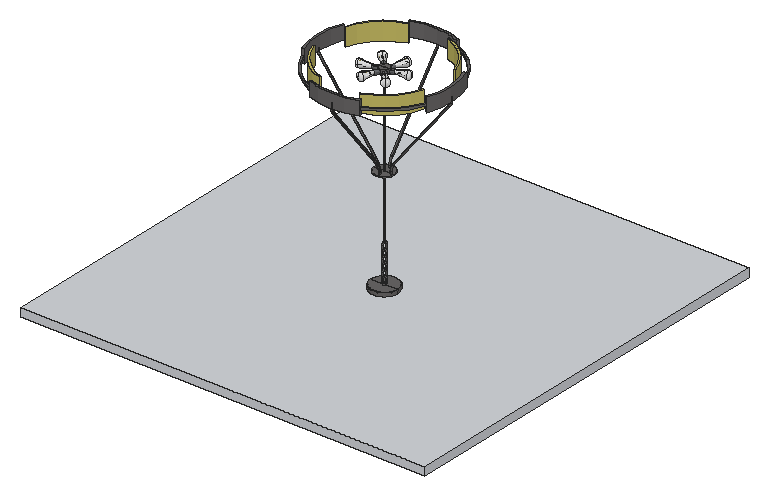
Revit family "P500331-031", category Lighting Fixtures, host Face, Revit 2021 (continued)
Forms (in)
  Sweep 103, solid, material "Paint - Hubbell - White Texture" <- "Glass"
    path origin (3.72042, -4.18571, 46.67327) x (-0.743145, -0.669131, 0) y (0.669029, -0.743032, 0.017452)
      loop
        line (0.61067, -10.88516) -> (0.61067, -10.98257)
        arc (0.61067, -10.98257) -> (0.57513, -11.06837) -> (0.48933, -11.10391) r 0.12134
        line (0.48933, -11.10391) -> (0.04812, -11.10391)
    profile origin (-4.04847, 3.52988, 46.48245) x (-0.743145, -0.669131, 0) y (-0.011678, 0.01297, 0.999848)
      loop
        circle (0, 0.00095) r 0.031
  Sweep 104, solid, material "Paint - Hubbell - White Texture" <- "Glass"
    path origin (3.74505, -4.16353, 46.67327) x (0.743145, 0.669131, 0) y (-0.669029, 0.743032, -0.017452)
      loop
        line (0.61067, 10.88516) -> (0.61067, 10.98257)
        arc (0.61067, 10.98257) -> (0.57513, 11.06837) -> (0.48933, 11.10391) r 0.12134
        line (0.48933, 11.10391) -> (0.04812, 11.10391)
    profile origin (-3.1162, 4.3693, 46.48245) x (-0.743145, -0.669131, 0) y (-0.011678, 0.01297, 0.999848)
      loop
        circle (0, 0.00095) r 0.031
  Sweep 105, solid, material "Paint - Hubbell - White Texture" <- "Glass"
    path origin (-9.46916, 10.48899, 46.31324) x (0.011678, -0.01297, -0.999848) y (0.669029, -0.743032, 0.017452)
      loop
        line (0.45442, 10.88516) -> (0.45442, 10.98257)
        arc (0.45442, 10.98257) -> (0.41888, 11.06837) -> (0.33308, 11.10391) r 0.12134
        line (0.33308, 11.10391) -> (0.04812, 11.10391)
    profile origin (-2.14878, 2.35889, 46.04971) x (-0.011678, 0.01297, 0.999848) y (-0.743145, -0.669131, 0)
      loop
        circle (0, 0.00095) r 0.031
  Sweep 106, solid, material "Paint - Hubbell - White Texture" <- "Glass"
    path origin (-9.46955, 10.48942, 46.34638) x (-0.011678, 0.01297, 0.999848) y (-0.669029, 0.743032, -0.017452)
      loop
        line (0.45442, -10.88516) -> (0.45442, -10.98257)
        arc (0.45442, -10.98257) -> (0.41888, -11.06837) -> (0.33308, -11.10391) r 0.12134
        line (0.33308, -11.10391) -> (0.04812, -11.10391)
    profile origin (-2.15978, 2.3711, 46.99156) x (-0.011678, 0.01297, 0.999848) y (-0.743145, -0.669131, 0)
      loop
        circle (0, 0.00095) r 0.031
  Sweep 107, solid, material "Paint - Hubbell - White Texture" <- "Glass"
    path origin (-9.48236, 10.47747, 46.32886) x (-0.743145, -0.669131, 0) y (0.669029, -0.743032, 0.017452)
      loop
        line (0.45442, 10.88516) -> (0.45442, 10.98257)
        arc (0.45442, 10.98257) -> (0.41888, 11.06837) -> (0.33308, 11.10391) r 0.12134
        line (0.33308, 11.10391) -> (0.04812, 11.10391)
    profile origin (-2.50499, 2.04919, 46.51969) x (0.743145, 0.669131, 0) y (-0.011678, 0.01297, 0.999848)
      loop
        circle (0, 0.00095) r 0.031
  Sweep 108, solid, material "Paint - Hubbell - White Texture" <- "Glass"
    path origin (-9.45773, 10.49965, 46.32886) x (0.743145, 0.669131, 0) y (-0.669029, 0.743032, -0.017452)
      loop
        line (0.45442, -10.88516) -> (0.45442, -10.98257)
        arc (0.45442, -10.98257) -> (0.41888, -11.06837) -> (0.33308, -11.10391) r 0.12134
        line (0.33308, -11.10391) -> (0.04812, -11.10391)
    profile origin (-1.80496, 2.6795, 46.51969) x (0.743145, 0.669131, 0) y (-0.011678, 0.01297, 0.999848)
      loop
        circle (0, 0.00095) r 0.031
  Revolve 109, solid, material "Hubbell - Gold" <- "Gold"
    sketch origin (3.40041, -3.80116, 46.66352) x (-0.743145, -0.669131, 0) y (0.669029, -0.743032, 0.017452)
      loop
        line (-0.47346, -8.28115) -> (-0.51834, -8.28115) -> (-0.66489, -10.37691) -> (-0.62001, -10.37691) -> (-0.47346, -8.28115)
      axis (-0.62023, -10.38004) -> (-0.47346, -8.28115)
    angle from 0 to 360
  Revolve 110, solid, material "Hubbell - Gold" <- "Gold"
    sketch origin (3.40041, -3.80116, 46.66352) x (0.743145, 0.669131, 0) y (-0.669029, 0.743032, -0.017452)
      loop
        line (-0.47346, 8.28115) -> (-0.62235, 10.41041) -> (-0.66723, 10.41041) -> (-0.51834, 8.28115) -> (-0.47346, 8.28115)
      axis (-0.62257, 10.41353) -> (-0.47346, 8.28115)
    angle from 0 to 360
  Revolve 111, solid, material "Hubbell - Galvanized"
    sketch origin (0, 0, 0) x (-0.669131, 0.743145, 0) y (0, 0, 1)
      loop
        line (1.22826, 46.5252) -> (1.22826, 46.13457) -> (2.35245, 46.13457) -> (2.35245, 46.5252) -> (1.22826, 46.5252)
      axis (1.22826, 46.5252) -> (2.35245, 46.5252)
    angle from 0 to 360
Dimensions and locks (in)
  aligned and locked: plane 2 to Extrusion 1
Nested families (in)
  nested 1: "Light Source" at (-2.07046, -5.435, 46.5) x (0, -1, 0) z (0, 0, 1), type "Light Source"
  nested 2: "Light Source" at (3.29972, -4.28118, 46.5) x (0, -1, 0) z (0, 0, 1), type "Light Source"
  nested 3: "Light Source" at (5.0682, 1.03568, 46.5) x (0, -1, 0) z (0, 0, 1), type "Light Source"
  nested 4: "Light Source" at (1.23777, 4.86611, 46.5) x (0, -1, 0) z (0, 0, 1), type "Light Source"
  nested 5: "Light Source" at (-4.13399, 3.9168, 46.5) x (0, -1, 0) z (0, 0, 1), type "Light Source"
  nested 6: "Light Source" at (-6.6697, -1.52105, 46.5) x (0, -1, 0) z (0, 0, 1), type "Light Source"
Connectors (in)
  electrical at (0, 0, 0), driven by "Connector Description", driven by "Power Factor", driven by "Apparent Load", driven by "Voltage", driven by "Load Classification"
    settings: on Revolve 2, index 1, voltage 120 V, apparent load 60 VA, apparent load phase1 0 VA, apparent load phase2 0 VA, apparent load phase3 0 VA, power factor 1, load classification "Lighting", number of poles 1, system type 30, power factor state 1, is connector primary yes, connector utility no, sub classification motor no, connector description "Lighting Connector"
Definition of nested family "Light Source"
  Parameters (values of type "Light Source")
    Wattage = 13 W
    built-in parameter 1150110 = 1 (stored number, unit not read)
    built-in parameter 1114217 = 1 (stored number, unit not read)
    Tilt Angle = -90.00°
    built-in parameter 1150109 = 1 (stored number, unit not read)
    built-in parameter 1150134 = 3
    built-in parameter 1150113 = 1 (stored number, unit not read)
    Photometric Web File = "generic"
    built-in parameter 1150142 = (empty or 0)
    built-in parameter 1150105 = 71.381 (stored number, unit not read)
    Lumens = 897 lm
    built-in parameter 1150115 = 1 (stored number, unit not read)
    built-in parameter 1150137 = (empty or 0)
    built-in parameter 1150139 = (empty or 0)
    built-in parameter 1150112 = 1 (stored number, unit not read)
    built-in parameter 1150114 = 1 (stored number, unit not read)
    built-in parameter 1150132 = (empty or 0)
    built-in parameter 1150102 = (empty or 0)
    built-in parameter 1150107 = 3200 (stored number, unit not read)
    built-in parameter 1150138 = (empty or 0)
    built-in parameter 1150106 = 0.71381 (stored number, unit not read)
    built-in parameter 1150104 = 6.4103 (stored number, unit not read)
    Dimming Lamp Color Temperature Shift = (empty or 0)
    Default Elevation = 0.00"
    Color Filter = 16777215
    built-in parameter 1114218 = 1 (stored number, unit not read)
    built-in parameter 1150133 = 10 (stored number, unit not read)
  Reference planes (in)
    plane 1 "Center (Front/Back)": y = 0
    plane 2: z = 0
    plane 3 "Center (Left/Right)": x = 0
  Dimensions and locks (in)
    aligned and locked: level to plane 2
